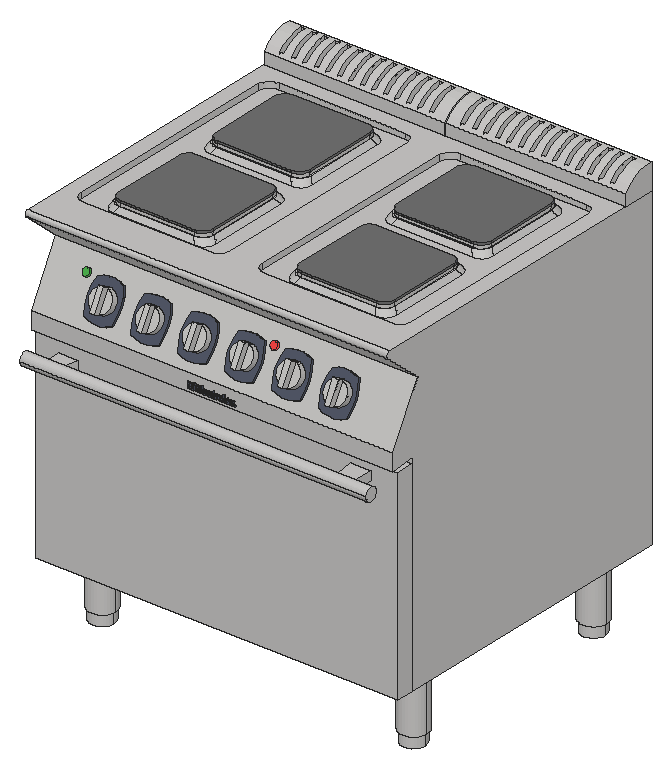
Revit family "QF_ELECTROLUXPROFESSIONAL_371150_E7ECMH4QE5", category Specialty Equipment, Revit 2018
Family settings
  Round Connector Dimension = Use Diameter
  Part Type = Normal
  Work Plane-Based = No
  Always vertical = Yes
  Cut with Voids When Loaded = No
  Shared = No
  Room Calculation Point = No
Parameters (values of type "Standard")
  Weight = 80.00 kg
  Watts = 0 W
  Volts = 400 V
  URL Manufacturer = "http://professional.electrolux.com"
  URL = "http://professional.electrolux.com"
  Steam Supply Size = 0"
  Steam Supply Minimum Pressure = 0.00 psi
  Steam Supply Maximum Pressure = 0.00 psi
  Steam Pounds per Hour = 0
  Show Logo [instance] = yes
  Show Clearance [instance] = yes
  Refrigeration Suction Line Size = 0 mm
  Refrigeration Liquid Line Size = 0 mm
  Refrigerant Compressor Remote = yes
  Phase = 3
  Model = "E7ECMH4QE5"
  Manufacturer = "Electrolux Professional"
  Length Actual = 800 mm  # constant formula
  Item Number = "371150"
  Hot Water Size = 0"
  Height Actual = 850 mm  # constant formula
  HP = "22 HP"
  Gas Size = 0"
  Gas KW = 0
  Gas Input Pressure = 0.0 Btu/h
  Direct Waste Size = 0"
  Description = "4-HOT SQ.PLATE EL.RANGE+OVEN 800MM-400V"
  Depth Actual = 730 mm  # constant formula
  Cycle = 50 Hz
  Condensate Return Size = 0"
  Compressed Air Volume = 0 GPM
  Compressed Air Size = 0"
  Compressed Air Pressure = 0.00 psi
  Cold Water Size = 0"
  Accessory = yes
Reference planes
  plane 1 "BACK": y = 0
  plane 2: z = 0
  plane 3 "LEFT": x = 0
  plane 4 "RIGHT": x = 800.1
  plane 5 "FRONT": y = -730.25
  plane 6 "TOP": z = 908.1
  plane 7 "Center Y": x = 400.05
  plane 8 "Center X": y = -365.125
  plane 9 "TOP A": z = 851
  plane 10: z = 150
Forms (mm)
  Extrusion 1, solid, material "QF_Finishes_Stainless Steel"
    sketch origin (0, 0, 0) x (0, 1, 0) y (0, 0, 1)
      loop
        line (0, 851) -> (-722.928, 851)
        arc (-722.928, 851) -> (-729.69, 846.314) -> (-727.679, 838.336) r 7.223
        line (-727.679, 838.336) -> (-646.919, 767.809) -> (-713.772, 646.19) -> (-713.772, 608.09) -> (-660.4, 613.7) -> (-660.4, 150) -> (0, 150) -> (0, 851)
    from 0 to 800.1
  Extrusion 2, solid, material "QF_Finishes_Clearance", visible <- "Show Clearance", detail levels coarse
    sketch origin (0, 0, 0) x (1, 0, 0) y (0, 1, 0)
      loop
        line (0, -730.25) -> (0, 0) -> (800.1, 0) -> (800.1, -730.25) -> (950.119, -730.25) -> (950.119, 150.019) -> (-150.019, 150.019) -> (-150.019, -730.25) -> (0, -730.25)
    from 0 to 908.1
  Revolve 3, solid, material "QF_Finishes_Stainless Steel"
    sketch origin (0, -587.387, 608.09) x (0, 0, 1) y (-1, 0, 0)
      loop
        line (-608.09, -56) -> (-458.09, -56) -> (-458.09, -26) -> (-583.09, -26) -> (-583.09, -29.75) -> (-608.09, -29.75) -> (-608.09, -56)
      axis (-608.09, -56) -> (-458.09, -56)
    angle from 0 to 360
  Revolve 4, solid, material "QF_Finishes_Stainless Steel"
    sketch origin (400.05, -587.387, 608.09) x (0, 0, 1) y (-1, 0, 0)
      loop
        line (-608.09, -344.05) -> (-608.09, -370.3) -> (-583.09, -370.3) -> (-583.09, -374.05) -> (-458.09, -374.05) -> (-458.09, -344.05) -> (-608.09, -344.05)
      axis (-608.09, -344.05) -> (-458.09, -344.05)
    angle from 0 to 360
  Revolve 5, solid, material "QF_Finishes_Stainless Steel"
    sketch origin (0, -90, 608.09) x (0, 0, 1) y (-1, 0, 0)
      loop
        line (-608.09, -56) -> (-458.09, -56) -> (-458.09, -26) -> (-583.09, -26) -> (-583.09, -29.75) -> (-608.09, -29.75) -> (-608.09, -56)
      axis (-608.09, -56) -> (-458.09, -56)
    angle from 0 to 360
  Revolve 6, solid, material "QF_Finishes_Stainless Steel"
    sketch origin (400.05, -90, 608.09) x (0, 0, 1) y (-1, 0, 0)
      loop
        line (-608.09, -344.05) -> (-608.09, -370.3) -> (-583.09, -370.3) -> (-583.09, -374.05) -> (-458.09, -374.05) -> (-458.09, -344.05) -> (-608.09, -344.05)
      axis (-608.09, -344.05) -> (-458.09, -344.05)
    angle from 0 to 360
  Extrusion 7, solid, material "QF_Finishes_Stainless Steel"
    sketch origin (-77.88, -4572, 150) x (-1, 0, 0) y (0, -1, 0)
      loop
        circle (-830.355, -4059.238) r 12.7
    from 3.2 to 0
  Extrusion 8, solid, material "QF_Finishes_Stainless Steel"
    sketch origin (199.231, -12.7, -7.5) x (0, 1, 0) y (0, 0, 1)
      loop
        circle (-740.063, 582.209) r 14
    from -181.531 to 583.169
  Extrusion 9, solid, material "QF_Finishes_Stainless Steel"
    sketch origin (-23.75, -12.7, 562.009) x (-1, 0, 0) y (0, -1, 0)
      loop
        line (-84.731, 741.563) -> (-118.724, 741.563) -> (-126.38, 700.088) -> (-84.731, 700.088) -> (-84.731, 741.563)
      loop
        line (-762.869, 741.563) -> (-762.869, 687.387) -> (-718.876, 687.387) -> (-728.876, 741.563) -> (-762.869, 741.563)
    from 0 to 21.491
  Extrusion 10, solid, material "QF_Finishes_Navy Blue", visible <- "Show Logo"
    sketch origin (59.194, -713.772, 608.09) x (0, 0, 1) y (-1, 0, 0)
      loop
        line (20.674, -296.698) -> (8.307, -296.698)
        arc (8.307, -296.698) -> (14.491, -301.27) -> (20.674, -296.698) r 6.467
      loop
        arc (20.674, -296.069) -> (19.505, -290.926) -> (14.849, -288.448) r 6.338
        line (14.849, -288.448) -> (14.849, -290.494)
        arc (14.849, -290.494) -> (16.333, -294.149) -> (19.778, -296.069) r 5.941
        line (19.778, -296.069) -> (20.674, -296.069)
      loop
        arc (9.203, -296.069) -> (12.648, -294.149) -> (14.132, -290.494) r 5.941
        line (14.132, -290.494) -> (14.132, -288.448)
        arc (14.132, -288.448) -> (9.438, -290.922) -> (8.148, -296.069) r 6.504
        line (8.148, -296.069) -> (9.203, -296.069)
      loop
        line (21.349, -287.979) -> (7.604, -287.979) -> (7.604, -301.742) -> (21.349, -301.742) -> (21.349, -287.979)
      loop
        arc (21.432, -304.71) -> (21.085, -304.352) -> (20.718, -304.69) r 0.358
        arc (20.718, -304.69) -> (20.404, -305.44) -> (19.687, -305.825) r 1.216
        line (19.687, -305.825) -> (9.274, -305.825)
        arc (9.274, -305.825) -> (8.614, -305.548) -> (8.218, -304.951) r 1.238
        arc (8.218, -304.951) -> (7.823, -304.7) -> (7.518, -305.054) r 0.358
        line (7.518, -305.054) -> (7.518, -314.933) -> (10.269, -314.933) -> (10.269, -314.036)
        arc (10.269, -314.036) -> (9.36, -313.456) -> (8.904, -312.479) r 1.928
        line (8.904, -312.479) -> (8.904, -309.98)
        arc (8.904, -309.98) -> (9.18, -309.251) -> (9.868, -308.887) r 1.101
        line (9.868, -308.887) -> (13.955, -308.887) -> (13.955, -312.561)
        arc (13.955, -312.561) -> (13.602, -313.058) -> (13.037, -313.286) r 1.083
        arc (13.037, -313.286) -> (12.773, -313.591) -> (13.065, -313.869) r 0.292
        line (13.065, -313.869) -> (16.028, -313.869)
        arc (16.028, -313.869) -> (16.33, -313.596) -> (16.092, -313.266) r 0.305
        arc (16.092, -313.266) -> (15.601, -313.018) -> (15.296, -312.561) r 1.083
        line (15.296, -312.561) -> (15.296, -308.887) -> (19.973, -308.887) -> (19.973, -312.635)
        arc (19.973, -312.635) -> (19.759, -313.39) -> (19.153, -313.888) r 1.314
        arc (19.153, -313.888) -> (18.934, -314.292) -> (19.288, -314.585) r 0.361
        line (19.288, -314.585) -> (21.432, -314.585) -> (21.432, -304.71)
      loop
        arc (20.715, -315.365) -> (20.335, -316.284) -> (19.416, -316.664) r 1.299
        line (19.416, -316.664) -> (9.837, -316.664)
        arc (9.837, -316.664) -> (8.999, -316.286) -> (8.728, -315.408) r 1.118
        line (8.728, -315.408) -> (7.518, -315.408) -> (7.518, -320.758) -> (8.706, -320.758)
        arc (8.706, -320.758) -> (8.978, -319.841) -> (9.848, -319.445) r 1.153
        line (9.848, -319.445) -> (21.92, -319.445) -> (20.715, -315.365)
      loop
        line (12.483, -323.394) -> (12.483, -329.842) -> (13.282, -329.842)
        arc (13.282, -329.842) -> (15.862, -328.857) -> (17.131, -326.404) r 3.874
        line (17.131, -326.404) -> (17.131, -324.643)
        arc (17.131, -324.643) -> (15.944, -321.778) -> (13.08, -320.592) r 4.051
        line (13.08, -320.592) -> (11.072, -320.592)
        arc (11.072, -320.592) -> (8.253, -322.077) -> (7.202, -325.084) r 4.352
        arc (7.202, -325.084) -> (7.566, -327.547) -> (8.943, -329.621) r 5.713
        line (8.943, -329.621) -> (9.892, -329.621)
        arc (9.892, -329.621) -> (9.16, -328.052) -> (8.943, -326.334) r 5.579
        arc (8.943, -326.334) -> (9.737, -324.371) -> (11.616, -323.394) r 3.057
        line (11.616, -323.394) -> (12.483, -323.394)
      loop
        line (13.742, -323.394) -> (13.742, -326.977)
        arc (13.742, -326.977) -> (15.199, -327.024) -> (16.082, -325.864) r 1.59
        line (16.082, -325.864) -> (16.082, -325.034)
        arc (16.082, -325.034) -> (15.217, -323.779) -> (13.742, -323.394) r 2.184
      loop
        arc (16.533, -339.259) -> (17.022, -337.585) -> (17.179, -335.848) r 9.023
        line (17.179, -335.848) -> (17.179, -334.486)
        arc (17.179, -334.486) -> (16.02, -331.686) -> (13.22, -330.527) r 3.959
        line (13.22, -330.527) -> (10.62, -330.527)
        arc (10.62, -330.527) -> (8.338, -331.819) -> (7.221, -334.192) r 4.331
        line (7.221, -334.192) -> (7.221, -336.327)
        arc (7.221, -336.327) -> (7.729, -337.877) -> (8.651, -339.223) r 5.772
        arc (8.651, -339.223) -> (9.412, -339.274) -> (9.499, -338.515) r 0.553
        arc (9.499, -338.515) -> (9.111, -337.781) -> (8.977, -336.962) r 2.573
        line (8.977, -336.962) -> (8.977, -335.447)
        arc (8.977, -335.447) -> (9.983, -333.806) -> (11.798, -333.163) r 2.884
        line (11.798, -333.163) -> (13.077, -333.163)
        arc (13.077, -333.163) -> (14.898, -333.723) -> (15.824, -335.388) r 2.554
        line (15.824, -335.388) -> (15.824, -336.441)
        arc (15.824, -336.441) -> (15.493, -337.369) -> (14.836, -338.104) r 2.564
        arc (14.836, -338.104) -> (14.614, -338.821) -> (15.223, -339.259) r 0.643
        line (15.223, -339.259) -> (16.533, -339.259)
      loop
        line (15.515, -339.53) -> (15.515, -341.031) -> (9.467, -341.031)
        arc (9.467, -341.031) -> (7.879, -341.688) -> (7.221, -343.276) r 2.246
        line (7.221, -343.276) -> (7.221, -344.86)
        arc (7.221, -344.86) -> (7.535, -345.725) -> (8.035, -346.496) r 4.06
        arc (8.035, -346.496) -> (8.768, -346.629) -> (9.019, -345.928) r 0.576
        arc (9.019, -345.928) -> (8.913, -345.403) -> (8.977, -344.87) r 1.69
        arc (8.977, -344.87) -> (9.519, -344.082) -> (10.425, -343.779) r 1.506
        line (10.425, -343.779) -> (15.563, -343.779) -> (15.563, -346.176) -> (16.119, -346.733) -> (16.941, -346.733) -> (16.941, -343.873) -> (20.172, -343.873) -> (15.515, -339.53)
      loop
        line (7.438, -347.63) -> (7.438, -353.017) -> (8.548, -353.017)
        arc (8.548, -353.017) -> (8.942, -352.066) -> (9.893, -351.672) r 1.345
        line (9.893, -351.672) -> (13.509, -351.672)
        arc (13.509, -351.672) -> (14.274, -352.264) -> (14.564, -353.186) r 1.615
        line (14.564, -353.186) -> (14.564, -354.742) -> (17.119, -355.427) -> (17.119, -354.044) -> (15.177, -351.485) -> (17.057, -351.485) -> (16.773, -348.779)
        arc (16.773, -348.779) -> (16.333, -348.249) -> (15.674, -348.45) r 0.621
        arc (15.674, -348.45) -> (15.274, -348.792) -> (14.78, -348.975) r 1.501
        line (14.78, -348.975) -> (9.893, -348.975)
        arc (9.893, -348.975) -> (8.942, -348.581) -> (8.548, -347.63) r 1.345
        line (8.548, -347.63) -> (7.438, -347.63)
      loop
        line (13.54, -354.964) -> (10.848, -354.964)
        arc (10.848, -354.964) -> (8.403, -356.272) -> (7.269, -358.803) r 4.288
        arc (7.269, -358.803) -> (7.205, -360.183) -> (7.269, -361.563) r 15.022
        arc (7.269, -361.563) -> (8.403, -364.094) -> (10.848, -365.401) r 4.288
        line (10.848, -365.401) -> (13.54, -365.401)
        arc (13.54, -365.401) -> (15.986, -364.094) -> (17.119, -361.563) r 4.288
        arc (17.119, -361.563) -> (17.183, -360.183) -> (17.119, -358.803) r 15.022
        arc (17.119, -358.803) -> (15.986, -356.272) -> (13.54, -354.964) r 4.288
      loop
        line (13.745, -358.078) -> (10.643, -358.078)
        arc (10.643, -358.078) -> (8.486, -360.235) -> (10.643, -362.392) r 2.157
        line (10.643, -362.392) -> (13.745, -362.392)
        arc (13.745, -362.392) -> (15.902, -360.235) -> (13.745, -358.078) r 2.157
      loop
        arc (20.726, -365.26) -> (20.355, -366.154) -> (19.461, -366.524) r 1.264
        line (19.461, -366.524) -> (9.597, -366.524)
        arc (9.597, -366.524) -> (8.727, -366.127) -> (8.455, -365.211) r 1.153
        line (8.455, -365.211) -> (7.518, -365.211) -> (7.518, -370.319) -> (8.446, -370.319)
        arc (8.446, -370.319) -> (8.805, -369.547) -> (9.597, -369.232) r 1.153
        line (9.597, -369.232) -> (21.92, -369.232) -> (20.726, -365.26)
      loop
        arc (15.846, -369.857) -> (15.647, -370.921) -> (14.678, -371.403) r 1.215
        line (14.678, -371.403) -> (9.658, -371.403)
        arc (9.658, -371.403) -> (8.043, -372.051) -> (7.322, -373.634) r 2.338
        line (7.322, -373.634) -> (7.322, -375.148)
        arc (7.322, -375.148) -> (7.497, -376.152) -> (7.999, -377.038) r 2.979
        line (7.999, -377.038) -> (7.518, -378.835) -> (7.518, -380.524) -> (16.943, -380.524) -> (16.649, -376.32) -> (15.863, -376.32)
        arc (15.863, -376.32) -> (15.507, -377.156) -> (14.755, -377.665) r 1.605
        line (14.755, -377.665) -> (9.652, -377.665)
        arc (9.652, -377.665) -> (9.232, -376.728) -> (9.159, -375.704) r 2.94
        arc (9.159, -375.704) -> (9.72, -374.603) -> (10.873, -374.16) r 1.724
        line (10.873, -374.16) -> (17.07, -374.16) -> (15.846, -369.857)
      loop
        line (16.874, -381.377) -> (15.202, -383.423) -> (12.028, -385.729) -> (8.572, -382.617)
        arc (8.572, -382.617) -> (8.335, -382.223) -> (8.357, -381.764) r 0.789
        line (8.357, -381.764) -> (7.518, -381.764) -> (7.518, -385.309) -> (8.344, -385.309)
        arc (8.344, -385.309) -> (8.686, -384.947) -> (9.176, -385.039) r 0.52
        line (9.176, -385.039) -> (10.976, -386.51) -> (8.858, -387.886)
        arc (8.858, -387.886) -> (8.457, -387.576) -> (8.37, -387.076) r 0.7
        line (8.37, -387.076) -> (7.518, -387.076) -> (7.518, -393.003) -> (8.405, -393.003)
        arc (8.405, -393.003) -> (8.472, -392.344) -> (8.866, -391.813) r 1.247
        line (8.866, -391.813) -> (13.066, -388.532) -> (15.513, -390.585) -> (16.874, -392.327) -> (16.874, -388.604) -> (15.389, -389.026) -> (13.868, -387.749) -> (15.568, -386.559) -> (16.874, -387.336) -> (16.874, -381.377)
    from 0 to 1.644
  Extrusion 11, solid, material "QF_Finishes_Stainless Steel"
    sketch origin (0, -660.4, 601) x (0, 0, 1) y (-1, 0, 0)
      loop
        line (0, -800.1) -> (0, 0) -> (-451, 0) -> (-451, -800.1) -> (0, -800.1)
    from 1.588 to 39.688
  Extrusion 12, solid, material "QF_Finishes_Navy Blue"
    sketch origin (-221.762, -716.743, 640.785) x (0, 0.481713, 0.876329) y (-1, 0, 0)
      loop
        arc (105.947, -332.692) -> (68.865, -323.711) -> (31.333, -330.573) r 91.844
        arc (31.333, -330.573) -> (24.206, -361.215) -> (31.333, -391.858) r 69.441
        arc (31.333, -391.858) -> (68.854, -398.569) -> (105.947, -389.79) r 93.759
        arc (105.947, -389.79) -> (112.176, -361.241) -> (105.947, -332.692) r 68.543
    from 0 to 3.175
  Extrusion 13, solid, material "QF_Finishes_Stainless Steel"
    sketch origin (-20.512, -719.526, 642.314) x (0, 0.481713, 0.876329) y (-1, 0, 0)
      loop
        circle (68.826, -160.963) r 25.4
    from 0 to 12.7
  Extrusion 14, solid, material "QF_Finishes_Stainless Steel"
    sketch origin (-20.512, -730.655, 648.432) x (0, 0.481713, 0.876329) y (-1, 0, 0)
      loop
        arc (93.558, -166.749) -> (94.226, -160.963) -> (93.558, -155.177) r 25.4
        line (93.558, -155.177) -> (44.094, -155.177)
        arc (44.094, -155.177) -> (43.426, -160.963) -> (44.094, -166.749) r 25.4
        line (44.094, -166.749) -> (93.558, -166.749)
    from 0 to 12.7
  Extrusion 15, solid, material "QF_Finishes_Green"
    sketch origin (-92.5, -696.912, 676.862) x (0, 0.481713, 0.876329) y (-1, 0, 0)
      loop
        circle (63.365, -178.251) r 8
    from 0 to 3.175
  Extrusion 16, solid, material "QF_Finishes_Door Clearance", visible <- "Show Clearance", detail levels coarse
    sketch origin (400.05, 0, 0) x (0, 1, 0) y (0, 0, 1)
      loop
        line (-700.088, 150) -> (-700.088, 601)
        arc (-700.088, 601) -> (-992.356, 454.945) -> (-1109.663, 150) r 451.686
        line (-1109.663, 150) -> (-700.088, 150)
    from -400.05 to 400.05
  Extrusion 17, solid, material "QF_Finishes_Navy Blue"
    sketch origin (297.436, -716.743, 640.785) x (0, 0.481713, 0.876329) y (-1, 0, 0)
      loop
        arc (105.947, -332.692) -> (68.865, -323.711) -> (31.333, -330.573) r 91.844
        arc (31.333, -330.573) -> (24.206, -361.215) -> (31.333, -391.858) r 69.441
        arc (31.333, -391.858) -> (68.854, -398.569) -> (105.947, -389.79) r 93.759
        arc (105.947, -389.79) -> (112.176, -361.241) -> (105.947, -332.692) r 68.543
    from 0 to 3.175
  Extrusion 18, solid, material "QF_Finishes_Stainless Steel"
    sketch origin (498.686, -719.526, 642.314) x (0, 0.481713, 0.876329) y (-1, 0, 0)
      loop
        circle (68.826, -160.963) r 25.4
    from 0 to 12.7
  Extrusion 19, solid, material "QF_Finishes_Stainless Steel"
    sketch origin (498.686, -730.655, 648.432) x (0, 0.481713, 0.876329) y (-1, 0, 0)
      loop
        arc (93.558, -166.749) -> (94.226, -160.963) -> (93.558, -155.177) r 25.4
        line (93.558, -155.177) -> (44.094, -155.177)
        arc (44.094, -155.177) -> (43.426, -160.963) -> (44.094, -166.749) r 25.4
        line (44.094, -166.749) -> (93.558, -166.749)
    from 0 to 12.7
  Extrusion 20, solid, material "QF_Finishes_Navy Blue"
    sketch origin (-117.922, -716.743, 640.785) x (0, 0.481713, 0.876329) y (-1, 0, 0)
      loop
        arc (105.947, -332.692) -> (68.865, -323.711) -> (31.333, -330.573) r 91.844
        arc (31.333, -330.573) -> (24.206, -361.215) -> (31.333, -391.858) r 69.441
        arc (31.333, -391.858) -> (68.854, -398.569) -> (105.947, -389.79) r 93.759
        arc (105.947, -389.79) -> (112.176, -361.241) -> (105.947, -332.692) r 68.543
    from 0 to 3.175
  Extrusion 21, solid, material "QF_Finishes_Stainless Steel"
    sketch origin (83.328, -719.526, 642.314) x (0, 0.481713, 0.876329) y (-1, 0, 0)
      loop
        circle (68.826, -160.963) r 25.4
    from 0 to 12.7
  Extrusion 22, solid, material "QF_Finishes_Stainless Steel"
    sketch origin (83.328, -730.655, 648.432) x (0, 0.481713, 0.876329) y (-1, 0, 0)
      loop
        arc (93.558, -166.749) -> (94.226, -160.963) -> (93.558, -155.177) r 25.4
        line (93.558, -155.177) -> (44.094, -155.177)
        arc (44.094, -155.177) -> (43.426, -160.963) -> (44.094, -166.749) r 25.4
        line (44.094, -166.749) -> (93.558, -166.749)
    from 0 to 12.7
  Extrusion 23, solid, material "QF_Finishes_Navy Blue"
    sketch origin (-14.083, -716.743, 640.785) x (0, 0.481713, 0.876329) y (-1, 0, 0)
      loop
        arc (105.947, -332.692) -> (68.865, -323.711) -> (31.333, -330.573) r 91.844
        arc (31.333, -330.573) -> (24.206, -361.215) -> (31.333, -391.858) r 69.441
        arc (31.333, -391.858) -> (68.854, -398.569) -> (105.947, -389.79) r 93.759
        arc (105.947, -389.79) -> (112.176, -361.241) -> (105.947, -332.692) r 68.543
    from 0 to 3.175
  Extrusion 24, solid, material "QF_Finishes_Stainless Steel"
    sketch origin (187.167, -719.526, 642.314) x (0, 0.481713, 0.876329) y (-1, 0, 0)
      loop
        circle (68.826, -160.963) r 25.4
    from 0 to 12.7
  Extrusion 25, solid, material "QF_Finishes_Stainless Steel"
    sketch origin (187.167, -730.655, 648.432) x (0, 0.481713, 0.876329) y (-1, 0, 0)
      loop
        arc (93.558, -166.749) -> (94.226, -160.963) -> (93.558, -155.177) r 25.4
        line (93.558, -155.177) -> (44.094, -155.177)
        arc (44.094, -155.177) -> (43.426, -160.963) -> (44.094, -166.749) r 25.4
        line (44.094, -166.749) -> (93.558, -166.749)
    from 0 to 12.7
  Extrusion 26, solid, material "QF_Finishes_Navy Blue"
    sketch origin (89.757, -716.743, 640.785) x (0, 0.481713, 0.876329) y (-1, 0, 0)
      loop
        arc (105.947, -332.692) -> (68.865, -323.711) -> (31.333, -330.573) r 91.844
        arc (31.333, -330.573) -> (24.206, -361.215) -> (31.333, -391.858) r 69.441
        arc (31.333, -391.858) -> (68.854, -398.569) -> (105.947, -389.79) r 93.759
        arc (105.947, -389.79) -> (112.176, -361.241) -> (105.947, -332.692) r 68.543
    from 0 to 3.175
  Extrusion 27, solid, material "QF_Finishes_Stainless Steel"
    sketch origin (291.007, -719.526, 642.314) x (0, 0.481713, 0.876329) y (-1, 0, 0)
      loop
        circle (68.826, -160.963) r 25.4
    from 0 to 12.7
  Extrusion 28, solid, material "QF_Finishes_Stainless Steel"
    sketch origin (291.007, -730.655, 648.432) x (0, 0.481713, 0.876329) y (-1, 0, 0)
      loop
        arc (93.558, -166.749) -> (94.226, -160.963) -> (93.558, -155.177) r 25.4
        line (93.558, -155.177) -> (44.094, -155.177)
        arc (44.094, -155.177) -> (43.426, -160.963) -> (44.094, -166.749) r 25.4
        line (44.094, -166.749) -> (93.558, -166.749)
    from 0 to 12.7
  Extrusion 29, solid, material "QF_Finishes_Navy Blue"
    sketch origin (193.596, -716.743, 640.785) x (0, 0.481713, 0.876329) y (-1, 0, 0)
      loop
        arc (105.947, -332.692) -> (68.865, -323.711) -> (31.333, -330.573) r 91.844
        arc (31.333, -330.573) -> (24.206, -361.215) -> (31.333, -391.858) r 69.441
        arc (31.333, -391.858) -> (68.854, -398.569) -> (105.947, -389.79) r 93.759
        arc (105.947, -389.79) -> (112.176, -361.241) -> (105.947, -332.692) r 68.543
    from 0 to 3.175
  Extrusion 30, solid, material "QF_Finishes_Stainless Steel"
    sketch origin (394.846, -719.526, 642.314) x (0, 0.481713, 0.876329) y (-1, 0, 0)
      loop
        circle (68.826, -160.963) r 25.4
    from 0 to 12.7
  Extrusion 31, solid, material "QF_Finishes_Stainless Steel"
    sketch origin (394.846, -730.655, 648.432) x (0, 0.481713, 0.876329) y (-1, 0, 0)
      loop
        arc (93.558, -166.749) -> (94.226, -160.963) -> (93.558, -155.177) r 25.4
        line (93.558, -155.177) -> (44.094, -155.177)
        arc (44.094, -155.177) -> (43.426, -160.963) -> (44.094, -166.749) r 25.4
        line (44.094, -166.749) -> (93.558, -166.749)
    from 0 to 12.7
  Extrusion 32, solid, material "QF_Finishes_Stainless Steel"
    sketch origin (0, 0, 576.362) x (0, 1, 0) y (0, 0, 1)
      loop
        line (0, 274.638) -> (0, 331.738)
        arc (0, 331.738) -> (-38.857, 324.552) -> (-69.85, 300.038) r 82.056
        line (-69.85, 300.038) -> (-69.85, 274.638) -> (0, 274.638)
    from 0 to 400.05
  Extrusion 33, void
    sketch origin (0, 0, 851) x (0, -1, 0) y (1, 0, 0)
      loop
        line (6.761, 29.703) -> (63.911, 29.703) -> (63.911, 38.999) -> (6.761, 38.999) -> (6.761, 29.703)
      loop
        line (63.911, 64.487) -> (6.761, 64.487) -> (6.761, 55.191) -> (63.911, 55.191) -> (63.911, 64.487)
      loop
        line (63.911, 89.975) -> (6.761, 89.975) -> (6.761, 80.68) -> (63.911, 80.68) -> (63.911, 89.975)
      loop
        line (63.911, 115.464) -> (6.761, 115.464) -> (6.761, 106.168) -> (63.911, 106.168) -> (63.911, 115.464)
      loop
        line (63.911, 140.952) -> (6.761, 140.952) -> (6.761, 131.656) -> (63.911, 131.656) -> (63.911, 140.952)
      loop
        line (63.911, 166.44) -> (6.761, 166.44) -> (6.761, 157.145) -> (63.911, 157.145) -> (63.911, 166.44)
      loop
        line (63.911, 191.929) -> (6.761, 191.929) -> (6.761, 182.633) -> (63.911, 182.633) -> (63.911, 191.929)
      loop
        line (63.911, 217.417) -> (6.761, 217.417) -> (6.761, 208.121) -> (63.911, 208.121) -> (63.911, 217.417)
      loop
        line (63.911, 242.905) -> (6.761, 242.905) -> (6.761, 233.61) -> (63.911, 233.61) -> (63.911, 242.905)
      loop
        line (63.911, 268.394) -> (6.761, 268.394) -> (6.761, 259.098) -> (63.911, 259.098) -> (63.911, 268.394)
      loop
        line (63.911, 293.882) -> (6.761, 293.882) -> (6.761, 284.586) -> (63.911, 284.586) -> (63.911, 293.882)
      loop
        line (63.911, 319.37) -> (6.761, 319.37) -> (6.761, 310.075) -> (63.911, 310.075) -> (63.911, 319.37)
      loop
        line (63.911, 344.859) -> (6.761, 344.859) -> (6.761, 335.563) -> (63.911, 335.563) -> (63.911, 344.859)
      loop
        line (63.911, 370.347) -> (6.761, 370.347) -> (6.761, 361.051) -> (63.911, 361.051) -> (63.911, 370.347)
    from 25.4 to 63.5
  Extrusion 34, void
    sketch origin (0, 0, 851) x (1, 0, 0) y (0, -1, 0)
      loop
        line (60.425, 104.885) -> (339.625, 104.885)
        arc (339.625, 104.885) -> (357.586, 112.324) -> (365.025, 130.285) r 25.4
        line (365.025, 130.285) -> (365.025, 619.485)
        arc (365.025, 619.485) -> (357.586, 637.445) -> (339.625, 644.885) r 25.4
        line (339.625, 644.885) -> (60.425, 644.885)
        arc (60.425, 644.885) -> (42.464, 637.445) -> (35.025, 619.485) r 25.4
        line (35.025, 619.485) -> (35.025, 130.285)
        arc (35.025, 130.285) -> (42.464, 112.324) -> (60.425, 104.885) r 25.4
      loop
        arc (739.675, 104.885) -> (757.636, 112.324) -> (765.075, 130.285) r 25.4
        line (765.075, 130.285) -> (765.075, 619.485)
        arc (765.075, 619.485) -> (757.636, 637.445) -> (739.675, 644.885) r 25.4
        line (739.675, 644.885) -> (460.475, 644.885)
        arc (460.475, 644.885) -> (442.514, 637.445) -> (435.075, 619.485) r 25.4
        line (435.075, 619.485) -> (435.075, 130.285)
        arc (435.075, 130.285) -> (442.514, 112.324) -> (460.475, 104.885) r 25.4
        line (460.475, 104.885) -> (739.675, 104.885)
    from 0 to 12.7
  Extrusion 35, solid, material "QF_Finishes_Stainless Steel"
    sketch origin (400.05, 0, 576.362) x (0, 1, 0) y (0, 0, 1)
      loop
        line (0, 274.638) -> (0, 331.738)
        arc (0, 331.738) -> (-38.857, 324.552) -> (-69.85, 300.038) r 82.056
        line (-69.85, 300.038) -> (-69.85, 274.638) -> (0, 274.638)
    from 0 to 400.05
  Extrusion 36, void
    sketch origin (400.05, 0, 851) x (0, -1, 0) y (1, 0, 0)
      loop
        line (6.761, 29.703) -> (63.911, 29.703) -> (63.911, 38.999) -> (6.761, 38.999) -> (6.761, 29.703)
      loop
        line (63.911, 64.487) -> (6.761, 64.487) -> (6.761, 55.191) -> (63.911, 55.191) -> (63.911, 64.487)
      loop
        line (63.911, 89.975) -> (6.761, 89.975) -> (6.761, 80.68) -> (63.911, 80.68) -> (63.911, 89.975)
      loop
        line (63.911, 115.464) -> (6.761, 115.464) -> (6.761, 106.168) -> (63.911, 106.168) -> (63.911, 115.464)
      loop
        line (63.911, 140.952) -> (6.761, 140.952) -> (6.761, 131.656) -> (63.911, 131.656) -> (63.911, 140.952)
      loop
        line (63.911, 166.44) -> (6.761, 166.44) -> (6.761, 157.145) -> (63.911, 157.145) -> (63.911, 166.44)
      loop
        line (63.911, 191.929) -> (6.761, 191.929) -> (6.761, 182.633) -> (63.911, 182.633) -> (63.911, 191.929)
      loop
        line (63.911, 217.417) -> (6.761, 217.417) -> (6.761, 208.121) -> (63.911, 208.121) -> (63.911, 217.417)
      loop
        line (63.911, 242.905) -> (6.761, 242.905) -> (6.761, 233.61) -> (63.911, 233.61) -> (63.911, 242.905)
      loop
        line (63.911, 268.394) -> (6.761, 268.394) -> (6.761, 259.098) -> (63.911, 259.098) -> (63.911, 268.394)
      loop
        line (63.911, 293.882) -> (6.761, 293.882) -> (6.761, 284.586) -> (63.911, 284.586) -> (63.911, 293.882)
      loop
        line (63.911, 319.37) -> (6.761, 319.37) -> (6.761, 310.075) -> (63.911, 310.075) -> (63.911, 319.37)
      loop
        line (63.911, 344.859) -> (6.761, 344.859) -> (6.761, 335.563) -> (63.911, 335.563) -> (63.911, 344.859)
      loop
        line (63.911, 370.347) -> (6.761, 370.347) -> (6.761, 361.051) -> (63.911, 361.051) -> (63.911, 370.347)
    from 25.4 to 63.5
  Extrusion 37, solid, material "QF_Finishes_Red"
    sketch origin (322.858, -696.912, 676.862) x (0, 0.481713, 0.876329) y (-1, 0, 0)
      loop
        circle (63.365, -178.251) r 8
    from 0 to 3.175
Cuts and joins
  joined: Extrusion 8, Extrusion 9
  Extrusion 33, Extrusion 36 cuts Extrusion 32
  Extrusion 34 cuts Extrusion 1
  Extrusion 36 cuts Extrusion 2
  Extrusion 36 cuts Extrusion 35
Lines and regions (mm)
  symbolic lines, style "QF-Clearances", visible <- "Show Clearance", detail levels coarse
    curve 1: line (-150.019, 150.019, 851) -> (-150.019, -731.627, 851)
    curve 2: line (950.119, 150.019, 851) -> (-150.019, 150.019, 851)
    curve 3: line (950.119, -731.627, 851) -> (950.119, 150.019, 851)
  symbolic lines
    curve 4: line (0, 0, 851) -> (800.1, 0, 851)
    curve 5: line (0, -730.25, 851) -> (0, 0, 851)
    curve 6: line (800.1, 0, 851) -> (800.1, -730.25, 851)
    curve 7: line (0, -69.85, 851) -> (0, -63.012, 851)
    curve 8: line (800.1, -730.25, 851) -> (0, -730.25, 851)
    curve 9: line (0, -69.85, 851) -> (800.1, -69.85, 851)
    curve 13: line (17.7, -738.763, 851) -> (17.7, -766.763, 851)
    curve 14: line (782.4, -766.763, 851) -> (17.7, -766.763, 851)
    curve 15: line (782.4, -738.763, 851) -> (782.4, -766.763, 851)
    curve 16: line (400.05, -69.85, 851) -> (400.05, -63.012, 851)
    curve 17: line (17.7, -738.763, 851) -> (782.4, -738.763, 851)
    curve 18: line (60.981, -738.763, 851) -> (60.981, -730.25, 851)
    curve 19: line (97.835, -738.763, 851) -> (99.406, -730.25, 851)
    curve 20: line (739.119, -738.763, 851) -> (739.119, -730.25, 851)
    curve 21: line (702.265, -738.763, 851) -> (700.694, -730.25, 851)
    curve 22: line (60.425, -104.885, 851) -> (339.625, -104.885, 851)
    curve 23: arc (339.625, -104.885, 851) -> (357.586, -112.324, 851) -> (365.025, -130.285, 851) r 25.4
    curve 24: line (365.025, -130.285, 851) -> (365.025, -619.485, 851)
    curve 25: arc (365.025, -619.485, 851) -> (357.586, -637.445, 851) -> (339.625, -644.885, 851) r 25.4
    curve 26: line (339.625, -644.885, 851) -> (60.425, -644.885, 851)
    curve 27: arc (60.425, -644.885, 851) -> (42.464, -637.445, 851) -> (35.025, -619.485, 851) r 25.4
    curve 28: line (35.025, -619.485, 851) -> (35.025, -130.285, 851)
    curve 29: arc (35.025, -130.285, 851) -> (42.464, -112.324, 851) -> (60.425, -104.885, 851) r 25.4
    curve 30: line (460.475, -104.885, 851) -> (739.675, -104.885, 851)
    curve 31: arc (739.675, -104.885, 851) -> (757.636, -112.324, 851) -> (765.075, -130.285, 851) r 25.4
    curve 32: line (765.075, -130.285, 851) -> (765.075, -619.485, 851)
    curve 33: arc (765.075, -619.485, 851) -> (757.636, -637.445, 851) -> (739.675, -644.885, 851) r 25.4
    curve 34: line (739.675, -644.885, 851) -> (460.475, -644.885, 851)
    curve 35: arc (460.475, -644.885, 851) -> (442.514, -637.445, 851) -> (435.075, -619.485, 851) r 25.4
    curve 36: line (435.075, -619.485, 851) -> (435.075, -130.285, 851)
    curve 37: arc (435.075, -130.285, 851) -> (442.514, -112.324, 851) -> (460.475, -104.885, 851) r 25.4
    curve 38: line (400.05, -69.85, 851) -> (400.05, 0, 851)
    curve 39: line (29.703, -6.761, 851) -> (38.999, -6.761, 851)
    curve 40: line (29.703, -63.911, 851) -> (29.703, -6.761, 851)
    curve 41: line (38.999, -63.911, 851) -> (29.703, -63.911, 851)
    curve 42: line (38.999, -6.761, 851) -> (38.999, -63.911, 851)
    curve 43: line (55.191, -6.761, 851) -> (64.487, -6.761, 851)
    curve 44: line (55.191, -63.911, 851) -> (55.191, -6.761, 851)
    curve 45: line (64.487, -63.911, 851) -> (55.191, -63.911, 851)
    curve 46: line (64.487, -6.761, 851) -> (64.487, -63.911, 851)
    curve 47: line (80.68, -6.761, 851) -> (89.975, -6.761, 851)
    curve 48: line (80.68, -63.911, 851) -> (80.68, -6.761, 851)
    curve 49: line (89.975, -63.911, 851) -> (80.68, -63.911, 851)
    curve 50: line (89.975, -6.761, 851) -> (89.975, -63.911, 851)
    curve 51: line (106.168, -6.761, 851) -> (115.464, -6.761, 851)
    curve 52: line (106.168, -63.911, 851) -> (106.168, -6.761, 851)
    curve 53: line (115.464, -63.911, 851) -> (106.168, -63.911, 851)
    curve 54: line (115.464, -6.761, 851) -> (115.464, -63.911, 851)
    curve 55: line (131.656, -6.761, 851) -> (140.952, -6.761, 851)
    curve 56: line (131.656, -63.911, 851) -> (131.656, -6.761, 851)
    curve 57: line (140.952, -63.911, 851) -> (131.656, -63.911, 851)
    curve 58: line (140.952, -6.761, 851) -> (140.952, -63.911, 851)
    curve 59: line (157.145, -6.761, 851) -> (166.44, -6.761, 851)
    curve 60: line (157.145, -63.911, 851) -> (157.145, -6.761, 851)
    curve 61: line (166.44, -63.911, 851) -> (157.145, -63.911, 851)
    curve 62: line (166.44, -6.761, 851) -> (166.44, -63.911, 851)
    curve 63: line (182.633, -6.761, 851) -> (191.929, -6.761, 851)
    curve 64: line (182.633, -63.911, 851) -> (182.633, -6.761, 851)
    curve 65: line (191.929, -63.911, 851) -> (182.633, -63.911, 851)
    curve 66: line (191.929, -6.761, 851) -> (191.929, -63.911, 851)
    curve 67: line (208.121, -6.761, 851) -> (217.417, -6.761, 851)
    curve 68: line (208.121, -63.911, 851) -> (208.121, -6.761, 851)
    curve 69: line (217.417, -63.911, 851) -> (208.121, -63.911, 851)
    curve 70: line (217.417, -6.761, 851) -> (217.417, -63.911, 851)
    curve 71: line (233.61, -6.761, 851) -> (242.905, -6.761, 851)
    curve 72: line (233.61, -63.911, 851) -> (233.61, -6.761, 851)
    curve 73: line (242.905, -63.911, 851) -> (233.61, -63.911, 851)
    curve 74: line (242.905, -6.761, 851) -> (242.905, -63.911, 851)
    curve 75: line (259.098, -6.761, 851) -> (268.394, -6.761, 851)
    curve 76: line (259.098, -63.911, 851) -> (259.098, -6.761, 851)
    curve 77: line (268.394, -63.911, 851) -> (259.098, -63.911, 851)
    curve 78: line (268.394, -6.761, 851) -> (268.394, -63.911, 851)
    curve 79: line (284.586, -6.761, 851) -> (293.882, -6.761, 851)
    curve 80: line (284.586, -63.911, 851) -> (284.586, -6.761, 851)
    curve 81: line (293.882, -63.911, 851) -> (284.586, -63.911, 851)
    curve 82: line (293.882, -6.761, 851) -> (293.882, -63.911, 851)
    curve 83: line (310.075, -6.761, 851) -> (319.37, -6.761, 851)
    curve 84: line (310.075, -63.911, 851) -> (310.075, -6.761, 851)
    curve 85: line (319.37, -63.911, 851) -> (310.075, -63.911, 851)
    curve 86: line (319.37, -6.761, 851) -> (319.37, -63.911, 851)
    curve 87: line (335.563, -6.761, 851) -> (344.859, -6.761, 851)
    curve 88: line (335.563, -63.911, 851) -> (335.563, -6.761, 851)
    curve 89: line (344.859, -63.911, 851) -> (335.563, -63.911, 851)
    curve 90: line (344.859, -6.761, 851) -> (344.859, -63.911, 851)
    curve 91: line (361.051, -6.761, 851) -> (370.347, -6.761, 851)
    curve 92: line (361.051, -63.911, 851) -> (361.051, -6.761, 851)
    curve 93: line (370.347, -63.911, 851) -> (361.051, -63.911, 851)
    curve 94: line (370.347, -6.761, 851) -> (370.347, -63.911, 851)
    curve 95: line (770.397, -6.761, 851) -> (761.101, -6.761, 851)
    curve 96: line (770.397, -63.911, 851) -> (770.397, -6.761, 851)
    curve 97: line (761.101, -63.911, 851) -> (770.397, -63.911, 851)
    curve 98: line (761.101, -6.761, 851) -> (761.101, -63.911, 851)
    curve 99: line (744.909, -6.761, 851) -> (735.613, -6.761, 851)
    curve 100: line (744.909, -63.911, 851) -> (744.909, -6.761, 851)
    curve 101: line (735.613, -63.911, 851) -> (744.909, -63.911, 851)
    curve 102: line (735.613, -6.761, 851) -> (735.613, -63.911, 851)
    curve 103: line (719.42, -6.761, 851) -> (710.125, -6.761, 851)
    curve 104: line (719.42, -63.911, 851) -> (719.42, -6.761, 851)
    curve 105: line (710.125, -63.911, 851) -> (719.42, -63.911, 851)
    curve 106: line (710.125, -6.761, 851) -> (710.125, -63.911, 851)
    curve 107: line (693.932, -6.761, 851) -> (684.636, -6.761, 851)
    curve 108: line (693.932, -63.911, 851) -> (693.932, -6.761, 851)
    curve 109: line (684.636, -63.911, 851) -> (693.932, -63.911, 851)
    curve 110: line (684.636, -6.761, 851) -> (684.636, -63.911, 851)
    curve 111: line (668.444, -6.761, 851) -> (659.148, -6.761, 851)
    curve 112: line (668.444, -63.911, 851) -> (668.444, -6.761, 851)
    curve 113: line (659.148, -63.911, 851) -> (668.444, -63.911, 851)
    curve 114: line (659.148, -6.761, 851) -> (659.148, -63.911, 851)
    curve 115: line (642.955, -6.761, 851) -> (633.66, -6.761, 851)
    curve 116: line (642.955, -63.911, 851) -> (642.955, -6.761, 851)
    curve 117: line (633.66, -63.911, 851) -> (642.955, -63.911, 851)
    curve 118: line (633.66, -6.761, 851) -> (633.66, -63.911, 851)
    curve 119: line (617.467, -6.761, 851) -> (608.171, -6.761, 851)
    curve 120: line (617.467, -63.911, 851) -> (617.467, -6.761, 851)
    curve 121: line (608.171, -63.911, 851) -> (617.467, -63.911, 851)
    curve 122: line (608.171, -6.761, 851) -> (608.171, -63.911, 851)
    curve 123: line (591.979, -6.761, 851) -> (582.683, -6.761, 851)
    curve 124: line (591.979, -63.911, 851) -> (591.979, -6.761, 851)
    curve 125: line (582.683, -63.911, 851) -> (591.979, -63.911, 851)
    curve 126: line (582.683, -6.761, 851) -> (582.683, -63.911, 851)
    curve 127: line (566.49, -6.761, 851) -> (557.195, -6.761, 851)
    curve 128: line (566.49, -63.911, 851) -> (566.49, -6.761, 851)
    curve 129: line (557.195, -63.911, 851) -> (566.49, -63.911, 851)
    curve 130: line (557.195, -6.761, 851) -> (557.195, -63.911, 851)
    curve 131: line (541.002, -6.761, 851) -> (531.706, -6.761, 851)
    curve 132: line (541.002, -63.911, 851) -> (541.002, -6.761, 851)
    curve 133: line (531.706, -63.911, 851) -> (541.002, -63.911, 851)
    curve 134: line (531.706, -6.761, 851) -> (531.706, -63.911, 851)
    curve 135: line (515.514, -6.761, 851) -> (506.218, -6.761, 851)
    curve 136: line (515.514, -63.911, 851) -> (515.514, -6.761, 851)
    curve 137: line (506.218, -63.911, 851) -> (515.514, -63.911, 851)
    curve 138: line (506.218, -6.761, 851) -> (506.218, -63.911, 851)
    curve 139: line (490.025, -6.761, 851) -> (480.73, -6.761, 851)
    curve 140: line (490.025, -63.911, 851) -> (490.025, -6.761, 851)
    curve 141: line (480.73, -63.911, 851) -> (490.025, -63.911, 851)
    curve 142: line (480.73, -6.761, 851) -> (480.73, -63.911, 851)
    curve 143: line (464.537, -6.761, 851) -> (455.241, -6.761, 851)
    curve 144: line (464.537, -63.911, 851) -> (464.537, -6.761, 851)
    curve 145: line (455.241, -63.911, 851) -> (464.537, -63.911, 851)
    curve 146: line (455.241, -6.761, 851) -> (455.241, -63.911, 851)
    curve 147: line (439.049, -6.761, 851) -> (429.753, -6.761, 851)
    curve 148: line (439.049, -63.911, 851) -> (439.049, -6.761, 851)
    curve 149: line (429.753, -63.911, 851) -> (439.049, -63.911, 851)
    curve 150: line (429.753, -6.761, 851) -> (429.753, -63.911, 851)
  symbolic lines, style "QF-Door Swings"
    curve 10: line (0, -730.25, 851) -> (0, -1109.663, 851)
    curve 11: line (0, -1109.663, 851) -> (800.1, -1109.663, 851)
    curve 12: line (800.1, -1109.663, 851) -> (800.1, -730.25, 851)
Dimensions and locks
  equal spacing: plane 3 "LEFT", plane 7 "Center Y", plane 4 "RIGHT"
  plane 3 "LEFT" to plane 4 "RIGHT" = 800.1 mm
  equal spacing: plane 5 "FRONT", plane 8 "Center X", plane 1 "BACK"
  plane 5 "FRONT" to plane 1 "BACK" = 730.25 mm
  plane 1 "BACK" to plane 5 "FRONT" = 730.25 mm
  plane 10 to level = 150 mm
  Extrusion 7 sketch curve to plane 1 "BACK" = 512.763 mm
  Extrusion 7 sketch curve to plane 4 "RIGHT" = 47.625 mm
  plane 6 "TOP" to level = 908.1 mm
  equal spacing: group 1, group 3, group 4, group 5, group 6, group 2  (x3)
  aligned and locked: level to plane 2
  aligned and locked: plane 4 "RIGHT" to Extrusion 1
  aligned and locked: plane 6 "TOP" to Extrusion 2
Automatic sketch dimensions
  Extrusion 12 sketch curve to Extrusion 12 sketch curve = 0 mm
  Extrusion 12 sketch curve to Extrusion 12 sketch curve = 12.3 mm  (x3)
  Extrusion 12 sketch curve to Extrusion 12 sketch curve = 34.925 mm  (x2)
  Extrusion 12 sketch curve to Extrusion 12 sketch curve = 50.015 mm
  Extrusion 12 sketch curve to Extrusion 12 sketch curve = 23.66 mm
  Extrusion 12 sketch curve to Extrusion 12 sketch curve = 25.727 mm
  Extrusion 12 sketch curve to Extrusion 12 sketch curve = 30.616 mm
  Extrusion 14 sketch curve to Extrusion 14 sketch curve = 24.732 mm
  Extrusion 14 sketch curve to Extrusion 14 sketch curve = 0 mm
  Extrusion 17 sketch curve to Extrusion 17 sketch curve = 0 mm
  Extrusion 17 sketch curve to Extrusion 17 sketch curve = 12.3 mm  (x3)
  Extrusion 17 sketch curve to Extrusion 17 sketch curve = 34.925 mm  (x2)
  Extrusion 17 sketch curve to Extrusion 17 sketch curve = 50.015 mm
  Extrusion 17 sketch curve to Extrusion 17 sketch curve = 23.66 mm
  Extrusion 17 sketch curve to Extrusion 17 sketch curve = 25.727 mm
  Extrusion 17 sketch curve to Extrusion 17 sketch curve = 30.616 mm
  Extrusion 19 sketch curve to Extrusion 19 sketch curve = 24.732 mm
  Extrusion 19 sketch curve to Extrusion 19 sketch curve = 0 mm
  Extrusion 20 sketch curve to Extrusion 20 sketch curve = 0 mm
  Extrusion 20 sketch curve to Extrusion 20 sketch curve = 12.3 mm  (x3)
  Extrusion 20 sketch curve to Extrusion 20 sketch curve = 34.925 mm  (x2)
  Extrusion 20 sketch curve to Extrusion 20 sketch curve = 50.015 mm
  Extrusion 20 sketch curve to Extrusion 20 sketch curve = 23.66 mm
  Extrusion 20 sketch curve to Extrusion 20 sketch curve = 25.727 mm
  Extrusion 20 sketch curve to Extrusion 20 sketch curve = 30.616 mm
  Extrusion 22 sketch curve to Extrusion 22 sketch curve = 24.732 mm
  Extrusion 22 sketch curve to Extrusion 22 sketch curve = 0 mm
  Extrusion 23 sketch curve to Extrusion 23 sketch curve = 0 mm
  Extrusion 23 sketch curve to Extrusion 23 sketch curve = 12.3 mm  (x3)
  Extrusion 23 sketch curve to Extrusion 23 sketch curve = 34.925 mm  (x2)
  Extrusion 23 sketch curve to Extrusion 23 sketch curve = 50.015 mm
  Extrusion 23 sketch curve to Extrusion 23 sketch curve = 23.66 mm
  Extrusion 23 sketch curve to Extrusion 23 sketch curve = 25.727 mm
  Extrusion 23 sketch curve to Extrusion 23 sketch curve = 30.616 mm
  Extrusion 25 sketch curve to Extrusion 25 sketch curve = 24.732 mm
  Extrusion 25 sketch curve to Extrusion 25 sketch curve = 0 mm
  Extrusion 26 sketch curve to Extrusion 26 sketch curve = 0 mm
  Extrusion 26 sketch curve to Extrusion 26 sketch curve = 12.3 mm  (x3)
  Extrusion 26 sketch curve to Extrusion 26 sketch curve = 34.925 mm  (x2)
  Extrusion 26 sketch curve to Extrusion 26 sketch curve = 50.015 mm
  Extrusion 26 sketch curve to Extrusion 26 sketch curve = 23.66 mm
  Extrusion 26 sketch curve to Extrusion 26 sketch curve = 25.727 mm
  Extrusion 26 sketch curve to Extrusion 26 sketch curve = 30.616 mm
  Extrusion 28 sketch curve to Extrusion 28 sketch curve = 24.732 mm
  Extrusion 28 sketch curve to Extrusion 28 sketch curve = 0 mm
  Extrusion 29 sketch curve to Extrusion 29 sketch curve = 0 mm
  Extrusion 29 sketch curve to Extrusion 29 sketch curve = 12.3 mm  (x3)
  Extrusion 29 sketch curve to Extrusion 29 sketch curve = 34.925 mm  (x2)
  Extrusion 29 sketch curve to Extrusion 29 sketch curve = 50.015 mm
  Extrusion 29 sketch curve to Extrusion 29 sketch curve = 23.66 mm
  Extrusion 29 sketch curve to Extrusion 29 sketch curve = 25.727 mm
  Extrusion 29 sketch curve to Extrusion 29 sketch curve = 30.616 mm
  Extrusion 31 sketch curve to Extrusion 31 sketch curve = 24.732 mm
  Extrusion 31 sketch curve to Extrusion 31 sketch curve = 0 mm
  Extrusion 1 sketch curve to plane 9 "TOP A" = 0 mm
  Extrusion 1 sketch curve to plane 10 = 0 mm
  Extrusion 1 sketch curve to plane 1 "BACK" = 0 mm
  Extrusion 1 sketch curve to plane 5 "FRONT" = 69.85 mm
  Extrusion 1 sketch curve to plane 5 "FRONT" = 16.478 mm
  Extrusion 1 sketch curve to plane 5 "FRONT" = 7.322 mm
  Extrusion 1 sketch curve to plane 5 "FRONT" = 2.571 mm
  Extrusion 1 sketch curve to Extrusion 1 sketch curve = 38.1 mm
  Extrusion 1 sketch curve to plane 9 "TOP A" = 83.191 mm
  Extrusion 1 sketch curve to plane 9 "TOP A" = 12.664 mm
  Revolve 3 sketch curve to level = 0 mm
  Revolve 3 sketch curve to plane 10 = 0 mm  (x2)
  level to Revolve 3 sketch curve = 25 mm
  Revolve 3 sketch curve to Revolve 3 sketch curve = 20 mm
  plane 3 "LEFT" to Revolve 3 sketch curve = 56 mm
  Revolve 3 sketch curve to Revolve 3 sketch curve = 0 mm
  plane 3 "LEFT" to Revolve 3 sketch curve = 29.75 mm
  plane 3 "LEFT" to Revolve 3 sketch curve = 26 mm
  Revolve 5 sketch curve to level = 0 mm
  Revolve 5 sketch curve to plane 10 = 0 mm  (x2)
  level to Revolve 5 sketch curve = 25 mm
  Revolve 5 sketch curve to Revolve 5 sketch curve = 20 mm
  plane 3 "LEFT" to Revolve 5 sketch curve = 56 mm
  Revolve 5 sketch curve to Revolve 5 sketch curve = 0 mm
  plane 3 "LEFT" to Revolve 5 sketch curve = 29.75 mm
  plane 3 "LEFT" to Revolve 5 sketch curve = 26 mm
  plane 5 "FRONT" to Extrusion 8 sketch curve = 22.513 mm
  plane 7 "Center Y" to Extrusion 10 sketch curve = 4.003 mm
  Extrusion 10 sketch curve to Extrusion 10 sketch curve = 0 mm  (x28)
  Extrusion 10 sketch curve to Extrusion 10 sketch curve = 5.108 mm  (x2)
  Extrusion 10 sketch curve to Extrusion 10 sketch curve = 0.054 mm
  Extrusion 10 sketch curve to Extrusion 10 sketch curve = 0.218 mm
  Extrusion 10 sketch curve to Extrusion 10 sketch curve = 0.195 mm
  Extrusion 10 sketch curve to Extrusion 10 sketch curve = 0.249 mm
  Extrusion 10 sketch curve to Extrusion 10 sketch curve = 0.087 mm
  Extrusion 10 sketch curve to Extrusion 10 sketch curve = 0.358 mm
  Extrusion 10 sketch curve to Extrusion 10 sketch curve = 0.481 mm
  Extrusion 10 sketch curve to Extrusion 10 sketch curve = 0.597 mm
  Extrusion 10 sketch curve to Extrusion 10 sketch curve = 0.544 mm
  Extrusion 10 sketch curve to Extrusion 10 sketch curve = 0.936 mm
  Extrusion 10 sketch curve to Extrusion 10 sketch curve = 0.594 mm
  Extrusion 10 sketch curve to Extrusion 10 sketch curve = 0.343 mm
  Extrusion 10 sketch curve to Extrusion 10 sketch curve = 0.159 mm
  Extrusion 10 sketch curve to Extrusion 10 sketch curve = 0.826 mm
  Extrusion 10 sketch curve to Extrusion 10 sketch curve = 0.839 mm
  Extrusion 10 sketch curve to Extrusion 10 sketch curve = 0.852 mm
  Extrusion 10 sketch curve to Extrusion 10 sketch curve = 0.887 mm
  Extrusion 10 sketch curve to Extrusion 10 sketch curve = 0.928 mm
  Extrusion 10 sketch curve to Extrusion 10 sketch curve = 0.938 mm
  Extrusion 10 sketch curve to Extrusion 10 sketch curve = 0.444 mm
  Extrusion 10 sketch curve to Extrusion 10 sketch curve = 1.11 mm  (x3)
  Extrusion 10 sketch curve to Extrusion 10 sketch curve = 0.215 mm
  Extrusion 10 sketch curve to plane 7 "Center Y" = 1.633 mm
  Extrusion 10 sketch curve to Extrusion 10 sketch curve = 1.43 mm
  Extrusion 10 sketch curve to Extrusion 10 sketch curve = 1.188 mm
  Extrusion 10 sketch curve to Extrusion 10 sketch curve = 1.21 mm  (x2)
  Extrusion 10 sketch curve to Extrusion 10 sketch curve = 0.503 mm
  Extrusion 10 sketch curve to Extrusion 10 sketch curve = 0.488 mm
  Extrusion 10 sketch curve to Extrusion 10 sketch curve = 0.462 mm
  Extrusion 10 sketch curve to Extrusion 10 sketch curve = 1.386 mm
  Extrusion 10 sketch curve to Extrusion 10 sketch curve = 1.742 mm  (x2)
  Extrusion 10 sketch curve to Extrusion 10 sketch curve = 0.821 mm
  Extrusion 10 sketch curve to Extrusion 10 sketch curve = 0.497 mm
  Extrusion 10 sketch curve to Extrusion 10 sketch curve = 0.539 mm
  Extrusion 10 sketch curve to Extrusion 10 sketch curve = 0.686 mm
  Extrusion 10 sketch curve to Extrusion 10 sketch curve = 0.408 mm
  Extrusion 10 sketch curve to Extrusion 10 sketch curve = 0.743 mm
  Extrusion 10 sketch curve to Extrusion 10 sketch curve = 1.16 mm
  Extrusion 10 sketch curve to Extrusion 10 sketch curve = 0.329 mm
  Extrusion 10 sketch curve to Extrusion 10 sketch curve = 1.054 mm
  Extrusion 10 sketch curve to Extrusion 10 sketch curve = 1.056 mm
  Extrusion 10 sketch curve to Extrusion 10 sketch curve = 0.129 mm
  Extrusion 10 sketch curve to Extrusion 10 sketch curve = 0.489 mm
  Extrusion 10 sketch curve to Extrusion 10 sketch curve = 0.441 mm
  Extrusion 10 sketch curve to Extrusion 10 sketch curve = 1.151 mm
  Extrusion 10 sketch curve to Extrusion 10 sketch curve = 1.141 mm  (x2)
  Extrusion 10 sketch curve to Extrusion 10 sketch curve = 0.768 mm
  Extrusion 10 sketch curve to Extrusion 10 sketch curve = 1.653 mm
  Extrusion 10 sketch curve to Extrusion 10 sketch curve = 0.499 mm
  Extrusion 10 sketch curve to Extrusion 10 sketch curve = 0.964 mm
  Extrusion 10 sketch curve to Extrusion 10 sketch curve = 0.949 mm
  Extrusion 10 sketch curve to Extrusion 10 sketch curve = 1.345 mm  (x2)
  Extrusion 10 sketch curve to Extrusion 10 sketch curve = 0.137 mm  (x2)
  Extrusion 10 sketch curve to Extrusion 10 sketch curve = 0.432 mm
  Extrusion 10 sketch curve to Extrusion 10 sketch curve = 1.142 mm
  Extrusion 10 sketch curve to Extrusion 10 sketch curve = 0.959 mm
  Extrusion 10 sketch curve to Extrusion 10 sketch curve = 0.176 mm
  Extrusion 10 sketch curve to Extrusion 10 sketch curve = 0.728 mm
  Extrusion 10 sketch curve to Extrusion 10 sketch curve = 3.375 mm  (x2)
  Extrusion 10 sketch curve to Extrusion 10 sketch curve = 1.905 mm
  Extrusion 10 sketch curve to Extrusion 10 sketch curve = 0.955 mm
  Extrusion 10 sketch curve to Extrusion 10 sketch curve = 1.251 mm
  Extrusion 10 sketch curve to Extrusion 10 sketch curve = 0.572 mm
  Extrusion 10 sketch curve to Extrusion 10 sketch curve = 1.92 mm
  Extrusion 10 sketch curve to Extrusion 10 sketch curve = 1.224 mm
  Extrusion 10 sketch curve to Extrusion 10 sketch curve = 0.745 mm
  Extrusion 10 sketch curve to Extrusion 10 sketch curve = 2.537 mm
  Extrusion 10 sketch curve to Extrusion 10 sketch curve = 0.896 mm  (x3)
  Extrusion 10 sketch curve to Extrusion 10 sketch curve = 0.036 mm
  Extrusion 10 sketch curve to Extrusion 10 sketch curve = 2.607 mm
  Extrusion 10 sketch curve to Extrusion 10 sketch curve = 0.066 mm
  Extrusion 10 sketch curve to Extrusion 10 sketch curve = 0.248 mm
  Extrusion 10 sketch curve to Extrusion 10 sketch curve = 0.449 mm
  Extrusion 10 sketch curve to Extrusion 10 sketch curve = 1.052 mm
  Extrusion 10 sketch curve to Extrusion 10 sketch curve = 1.863 mm
  Extrusion 10 sketch curve to Extrusion 10 sketch curve = 1.31 mm  (x2)
  Extrusion 10 sketch curve to Extrusion 10 sketch curve = 0.901 mm
  Extrusion 10 sketch curve to Extrusion 10 sketch curve = 1.107 mm
  Extrusion 10 sketch curve to Extrusion 10 sketch curve = 2.122 mm
  Extrusion 10 sketch curve to Extrusion 10 sketch curve = 2.101 mm
  Extrusion 10 sketch curve to Extrusion 10 sketch curve = 0.106 mm
  Extrusion 10 sketch curve to Extrusion 10 sketch curve = 0.029 mm
  Extrusion 10 sketch curve to Extrusion 10 sketch curve = 2.09 mm
  Extrusion 10 sketch curve to Extrusion 10 sketch curve = 1.279 mm
  Extrusion 10 sketch curve to Extrusion 10 sketch curve = 2.008 mm
  Extrusion 10 sketch curve to Extrusion 10 sketch curve = 0.738 mm
  Extrusion 10 sketch curve to Extrusion 10 sketch curve = 0.382 mm
  Extrusion 10 sketch curve to Extrusion 10 sketch curve = 0.384 mm
  Extrusion 10 sketch curve to Extrusion 10 sketch curve = 0.002 mm
  Extrusion 10 sketch curve to Extrusion 10 sketch curve = 0.561 mm
  Extrusion 10 sketch curve to Extrusion 10 sketch curve = 0.592 mm
  Extrusion 10 sketch curve to Extrusion 10 sketch curve = 2.692 mm
  Extrusion 10 sketch curve to Extrusion 10 sketch curve = 1.259 mm
  Extrusion 10 sketch curve to Extrusion 10 sketch curve = 0.802 mm
  Extrusion 10 sketch curve to Extrusion 10 sketch curve = 1.024 mm
  Extrusion 10 sketch curve to Extrusion 10 sketch curve = 0.682 mm
  Extrusion 10 sketch curve to Extrusion 10 sketch curve = 5.934 mm
  Extrusion 10 sketch curve to Extrusion 10 sketch curve = 2.186 mm
  Extrusion 10 sketch curve to Extrusion 10 sketch curve = 0.337 mm
  Extrusion 10 sketch curve to Extrusion 10 sketch curve = 0.021 mm
  Extrusion 10 sketch curve to Extrusion 10 sketch curve = 1.005 mm
  Extrusion 10 sketch curve to Extrusion 10 sketch curve = 0.552 mm
  Extrusion 10 sketch curve to Extrusion 10 sketch curve = 0.778 mm
  Extrusion 10 sketch curve to Extrusion 10 sketch curve = 0.063 mm
  Extrusion 10 sketch curve to Extrusion 10 sketch curve = 1.023 mm
  Extrusion 10 sketch curve to Extrusion 10 sketch curve = 3.804 mm
  Extrusion 10 sketch curve to Extrusion 10 sketch curve = 0.486 mm
  Extrusion 10 sketch curve to Extrusion 10 sketch curve = 0.266 mm  (x2)
  Extrusion 10 sketch curve to Extrusion 10 sketch curve = 1.547 mm
  Extrusion 10 sketch curve to Extrusion 10 sketch curve = 0.717 mm  (x2)
  Extrusion 10 sketch curve to Extrusion 10 sketch curve = 1.667 mm
  Extrusion 10 sketch curve to Extrusion 10 sketch curve = 3.174 mm
  Extrusion 10 sketch curve to Extrusion 10 sketch curve = 0.388 mm
  Extrusion 10 sketch curve to Extrusion 10 sketch curve = 1.342 mm
  Extrusion 10 sketch curve to Extrusion 10 sketch curve = 1.521 mm
  Extrusion 10 sketch curve to Extrusion 10 sketch curve = 0.124 mm
  Extrusion 10 sketch curve to Extrusion 10 sketch curve = 0.291 mm
  plane 7 "Center Y" to Extrusion 10 sketch curve = 5.32 mm
  Extrusion 10 sketch curve to Extrusion 10 sketch curve = 1.049 mm  (x2)
  Extrusion 10 sketch curve to Extrusion 10 sketch curve = 1.7 mm
  Extrusion 10 sketch curve to Extrusion 10 sketch curve = 0.894 mm
  Extrusion 10 sketch curve to Extrusion 10 sketch curve = 0.989 mm
  Extrusion 10 sketch curve to Extrusion 10 sketch curve = 1.168 mm
  Extrusion 10 sketch curve to Extrusion 10 sketch curve = 1.594 mm
  Extrusion 10 sketch curve to Extrusion 10 sketch curve = 0.731 mm
  Extrusion 10 sketch curve to Extrusion 10 sketch curve = 1.566 mm
  Extrusion 10 sketch curve to Extrusion 10 sketch curve = 0.064 mm
  plane 7 "Center Y" to Extrusion 10 sketch curve = 5.876 mm
  Extrusion 10 sketch curve to Extrusion 10 sketch curve = 0.556 mm  (x2)
  Extrusion 10 sketch curve to Extrusion 10 sketch curve = 0.48 mm
  Extrusion 10 sketch curve to Extrusion 10 sketch curve = 0.228 mm
  Extrusion 10 sketch curve to Extrusion 10 sketch curve = 1.018 mm
  Extrusion 10 sketch curve to Extrusion 10 sketch curve = 0.787 mm
  Extrusion 10 sketch curve to Extrusion 10 sketch curve = 0.618 mm
  Extrusion 10 sketch curve to Extrusion 10 sketch curve = 1.672 mm
  Extrusion 10 sketch curve to Extrusion 10 sketch curve = 1.361 mm
  Extrusion 10 sketch curve to Extrusion 10 sketch curve = 0.822 mm
  Extrusion 10 sketch curve to Extrusion 10 sketch curve = 0.069 mm
  Extrusion 10 sketch curve to Extrusion 10 sketch curve = 1.88 mm
  Extrusion 10 sketch curve to Extrusion 10 sketch curve = 0.42 mm
  Extrusion 10 sketch curve to Extrusion 10 sketch curve = 0.062 mm
  Extrusion 10 sketch curve to Extrusion 10 sketch curve = 1.355 mm
  Extrusion 10 sketch curve to Extrusion 10 sketch curve = 2.34 mm
  Extrusion 10 sketch curve to Extrusion 10 sketch curve = 0.493 mm
  Extrusion 10 sketch curve to Extrusion 10 sketch curve = 0.136 mm
  Extrusion 10 sketch curve to Extrusion 10 sketch curve = 0.128 mm
  Extrusion 10 sketch curve to Extrusion 10 sketch curve = 3.616 mm
  Extrusion 10 sketch curve to Extrusion 10 sketch curve = 4.207 mm
  Extrusion 10 sketch curve to Extrusion 10 sketch curve = 0.183 mm
  Extrusion 10 sketch curve to Extrusion 10 sketch curve = 0.895 mm
  Extrusion 10 sketch curve to Extrusion 10 sketch curve = 1.314 mm
  Extrusion 10 sketch curve to Extrusion 10 sketch curve = 3.231 mm
  Extrusion 10 sketch curve to Extrusion 10 sketch curve = 1.299 mm
  Extrusion 10 sketch curve to Extrusion 10 sketch curve = 1.214 mm
  Extrusion 10 sketch curve to Extrusion 10 sketch curve = 1.264 mm
  Extrusion 10 sketch curve to Extrusion 10 sketch curve = 0.109 mm
  Extrusion 10 sketch curve to Extrusion 10 sketch curve = 0.357 mm
  Extrusion 10 sketch curve to Extrusion 10 sketch curve = 0.565 mm
  Extrusion 10 sketch curve to Extrusion 10 sketch curve = 2.504 mm
  Extrusion 10 sketch curve to Extrusion 10 sketch curve = 2.459 mm
  Extrusion 10 sketch curve to Extrusion 10 sketch curve = 1.322 mm
  Extrusion 10 sketch curve to Extrusion 10 sketch curve = 2.77 mm
  Extrusion 10 sketch curve to Extrusion 10 sketch curve = 2.51 mm
  Extrusion 10 sketch curve to Extrusion 10 sketch curve = 0.187 mm
  Extrusion 10 sketch curve to Extrusion 10 sketch curve = 2.559 mm
  Extrusion 10 sketch curve to Extrusion 10 sketch curve = 1.556 mm
  Extrusion 10 sketch curve to Extrusion 10 sketch curve = 0.222 mm
  Extrusion 10 sketch curve to Extrusion 10 sketch curve = 1.383 mm
  Extrusion 10 sketch curve to Extrusion 10 sketch curve = 3.114 mm
  Extrusion 10 sketch curve to Extrusion 10 sketch curve = 3.376 mm
  Extrusion 10 sketch curve to Extrusion 10 sketch curve = 0.934 mm
